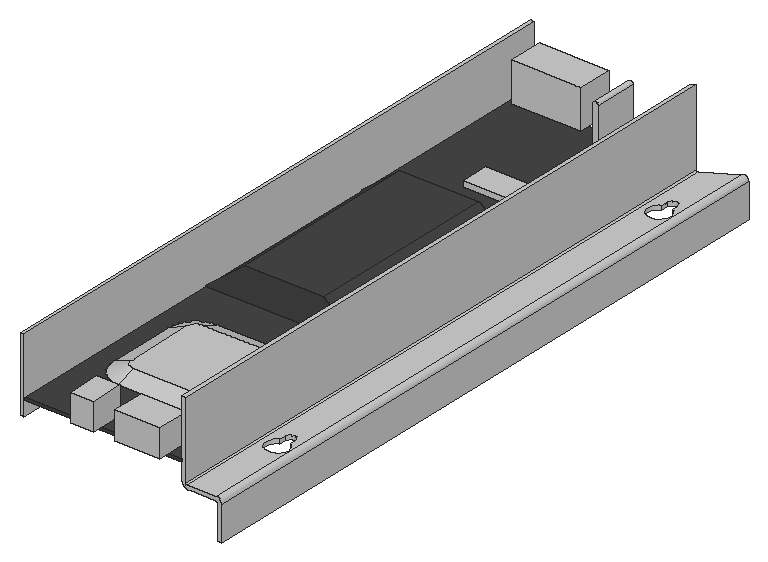
Revit family "Control_Unit-Lutron-HomeWorks_Panel_Interface-HQ-MI-LX NEW", category Lighting Devices, Revit 2020
Family settings
  Maintain Annotation Orientation = No
  Round Connector Dimension = Use Diameter
  Part Type = Normal
  OmniClass Number = 23.80.30.11.17
  OmniClass Title = Distribution Boards and Control Panels
  Work Plane-Based = Yes
  Always vertical = No
  Cut with Voids When Loaded = No
  Shared = No
  Room Calculation Point = No
Parameters (values of type "HQ-MI-LX")
  Warranty URL = "https://www.lutron.com/en-US/Service-Support/Pages/Service/Warranty/Warranty.aspx"
  Voltage Comment = "24 V~ 50/60 Hz or 24-36 V- 250 mA"  # constant formula
  Voltage = 24 V  # constant formula
  Video Link = "https://www.youtube.com/user/LutronElectronicsInc"
  Version = "2020 - v1.0a"  # constant formula
  URL = "https://www.lutron.com/"
  Support Phone = "(224) 699-9545"  # constant formula
  Support Email = "mailto: support@anguleris.com"
  Series = "HomeWorks"  # constant formula
  Product Page URL = "https://residential.lutron.com/us/en/homeworks"
  Product Name = "HomeWorks Panel Link Translator"  # constant formula
  Product Documentation Link = "https://assets.lutron.com/a/documents/3691293_eng.pdf"
  Power Factor = 1  # constant formula
  Performance URL = "Contact Manufacturer for Performance Information"
  Overall Width = 3.43"  # constant formula
  Overall Height = 10.75"  # constant formula
  Overall Depth = 1.90"  # constant formula
  Operating Voltage = "24 V~ 50/60 Hz or 24-36 V- 250 mA"  # constant formula
  Number of Poles = 1
  Mounting [instance] = "Surface Mount"  # constant formula
  Model = "HQ-MI-LX"  # constant formula
  Minimum Operating Temperature = 32 °F
  Maximum Operating Temperature = 104 °F
  Material = ""
  Manufacturer Phone Number = "610-282-3800"  # constant formula
  Manufacturer Fax Number = "610-282-1243"  # constant formula
  Manufacturer Email = "mailto:support@lutron.com"
  Manufacturer Address = "7200 Suter Rd, Coopersburg, PA 18036"  # constant formula
  Manufacturer = "Lutron Electronics Co., Inc"  # constant formula
  Load Classification = Lighting
  Keynote = "26 51 00"
  Instruction Sheet Link = "Contact Manufacturer for Installation Information"
  Frequency = 60 Hz  # constant formula
  Finish = Metal - Lutron - White - Matte
  Description = "The panel link to QS link translator provides an interface\r\nfor legacy remote power modules and\r\nspecification-grade panels. "  # constant formula
  Default Elevation = 0.00"  # constant formula
  Cost Info = "mailto:sales@lutron.com"
  Cost = 0
  Copyright = "© 2024 Lutron Electronics Co., Inc."  # constant formula
  Assembly Code = "D5020200"
  Apparent Load = 0 VA
Reference planes (in)
  plane 1 "Center (Front/Back)": y = 0
  plane 2: z = 0
  plane 3 "Center (Left/Right)": x = 0
  plane 4: y = 5.34633
  plane 5: y = -5.34633
Forms (in)
  Extrusion 1, solid, material "Metal - Lutron - White - Matte"
    sketch origin (0, 0, 0) x (1, 0, 0) y (0, 0, 1)
      loop
        line (1.34065, 1.19341) -> (1.28065, 1.19341) -> (1.28065, -0.00937)
        arc (1.28065, -0.00937) -> (1.31646, -0.09583) -> (1.40292, -0.13165) r 0.12227
        line (1.40292, -0.13165) -> (1.83771, -0.13165)
        arc (1.83771, -0.13165) -> (1.8588, -0.14038) -> (1.86754, -0.16148) r 0.02983
        line (1.86754, -0.16148) -> (1.86754, -0.70659) -> (1.92754, -0.70659) -> (1.92754, -0.15657)
        arc (1.92754, -0.15657) -> (1.90267, -0.09652) -> (1.84261, -0.07165) r 0.08493
        line (1.84261, -0.07165) -> (1.36616, -0.07165)
        arc (1.36616, -0.07165) -> (1.34812, -0.06417) -> (1.34065, -0.04613) r 0.02552
        line (1.34065, -0.04613) -> (1.34065, 1.19341)
    from -5.34633 to 5.34633
  Extrusion 2, void
    sketch origin (0, 0, 0) x (1, 0, 0) y (0, 1, 0)
      loop
        line (1.20294, 4.92521) -> (1.86754, 5.34633) -> (1.86754, 5.46106) -> (1.20294, 5.46106) -> (1.20294, 4.92521)
      loop
        arc (1.54425, 4.06954) -> (1.63253, 3.72162) -> (1.72081, 4.06954) r 0.18516
        line (1.72081, 4.06954) -> (1.72081, 4.16342)
        arc (1.72081, 4.16342) -> (1.63253, 4.2517) -> (1.54425, 4.16342) r 0.08828
        line (1.54425, 4.16342) -> (1.54425, 4.06954)
      loop
        arc (1.54425, -3.68046) -> (1.63253, -4.02838) -> (1.72081, -3.68046) r 0.18516
        line (1.72081, -3.68046) -> (1.72081, -3.58658)
        arc (1.72081, -3.58658) -> (1.63253, -3.4983) -> (1.54425, -3.58658) r 0.08828
        line (1.54425, -3.58658) -> (1.54425, -3.68046)
    from -1.78355 to 3.49408
  Extrusion 3, solid, material "Metal - Lutron - White - Matte"
    sketch origin (0, 0, 0) x (1, 0, 0) y (0, 0, 1)
      loop
        line (-1.3433, 1.19418) -> (-1.3433, 0) -> (-1.2825, 0) -> (-1.2825, 1.19418) -> (-1.3433, 1.19418)
    from -5.01247 to 5.34633
  Extrusion 4, solid, material "Metal - Lutron - Steel - Black"
    sketch origin (0, 0, 0) x (1, 0, 0) y (0, 0, 1)
      loop
        line (-1.2825, 0.27986) -> (-1.2825, 0.23422) -> (1.28065, 0.23422) -> (1.28065, 0.27986) -> (-1.2825, 0.27986)
    from -4.60502 to 5.34633
  Extrusion 5, solid, material "Metal - Lutron - White - Matte"
    sketch origin (0, 0, 0) x (1, 0, 0) y (0, 0, 1)
      loop
        line (-1.19818, 0.9139) -> (-1.19818, 0.27986) -> (-0.06418, 0.27986) -> (-0.06418, 0.9139) -> (-1.19818, 0.9139)
    from -5.01247 to -4.44272
  Extrusion 6, solid, material "Metal - Lutron - White - Matte"
    sketch origin (0, 0, 0) x (1, 0, 0) y (0, 0, 1)
      loop
        line (0.55456, 1.12798) -> (0.55456, 0.27986) -> (0.64896, 0.27986) -> (0.64896, 1.12798)
        arc (0.64896, 1.12798) -> (0.60176, 1.17518) -> (0.55456, 1.12798) r 0.0472
    from -4.60502 to -3.90829
  Extrusion 7, solid, material "Metal - Lutron - Steel - Black"
    sketch origin (0, 0, 0) x (1, 0, 0) y (0, 0, 1)
      loop
        line (-0.63267, 0.7999) -> (-1.2825, 0.27986) -> (1.28065, 0.27986) -> (0.64896, 0.7999) -> (-0.63267, 0.7999)
    from -1.47816 to 1.66625
  Blend 8, solid, material "Metal - Lutron - White - Matte"
    base sketch origin (0, 0, 0) x (1, 0, 0) y (0, 1, 0)
      loop
        arc (-0.52369, -2.64539) -> (-0.63012, -2.68947) -> (-0.67421, -2.7959) r 0.15051
        line (-0.67421, -2.7959) -> (-0.67421, -3.92415)
        arc (-0.67421, -3.92415) -> (-0.62931, -4.03254) -> (-0.52092, -4.07743) r 0.15328
        line (-0.52092, -4.07743) -> (0.56217, -4.07743)
        arc (0.56217, -4.07743) -> (0.6669, -4.03405) -> (0.71028, -3.92932) r 0.14811
        line (0.71028, -3.92932) -> (0.71028, -2.79109)
        arc (0.71028, -2.79109) -> (0.6676, -2.68806) -> (0.56457, -2.64539) r 0.1457
        line (0.56457, -2.64539) -> (-0.52369, -2.64539)
    top sketch origin (0, 0, 0) x (1, 0, 0) y (0, 1, 0)
      loop
        arc (-0.527, -2.34947) -> (-0.84781, -2.48235) -> (-0.9807, -2.80316) r 0.45369
        line (-0.9807, -2.80316) -> (-0.9807, -3.90341)
        arc (-0.9807, -3.90341) -> (-0.85005, -4.21882) -> (-0.53464, -4.34947) r 0.44606
        line (-0.53464, -4.34947) -> (0.57097, -4.34947)
        arc (0.57097, -4.34947) -> (0.88799, -4.21816) -> (1.0193, -3.90114) r 0.44833
        line (1.0193, -3.90114) -> (1.0193, -2.79701)
        arc (1.0193, -2.79701) -> (0.88822, -2.48055) -> (0.57176, -2.34947) r 0.44754
        line (0.57176, -2.34947) -> (-0.527, -2.34947)
    from 0.40406 to 0.27986
  Extrusion 9, solid, material "Metal - Lutron - White - Matte"
    sketch origin (0, 0, 0) x (1, 0, 0) y (0, 0, 1)
      loop
        line (-0.4022, 0.27986) -> (-0.02652, 0.27986) -> (-0.02652, 0.724) -> (-0.4022, 0.724) -> (-0.4022, 0.27986)
      loop
        line (0.31812, 0.27986) -> (1.05641, 0.27986) -> (1.05641, 0.724) -> (0.31812, 0.724) -> (0.31812, 0.27986)
    from 4.96209 to 5.50412
  Extrusion 10, solid, material "Metal - Lutron - White - Matte"
    sketch origin (0, 0, 0) x (1, 0, 0) y (0, 1, 0)
      loop
        line (-0.32432, 2.84105) -> (-0.32432, 2.38155) -> (0.36694, 2.38155) -> (0.36694, 2.84105) -> (-0.32432, 2.84105)
    from 0.27986 to 0.36725
Cuts and joins
  Extrusion 2 cuts Extrusion 1
Lines and regions (in)
  Split face 1
    outline origin (-1.2825, 0, 0.27986) x (1, 0, 0) y (0, 1, 0)
      loop
        line (0.03125, 3.83415) -> (0.03125, 1.57561) -> (2.5319, 1.57561) -> (2.5319, 3.83415) -> (0.03125, 3.83415)
  model lines, detail levels medium+fine
    curve 1: line (-1.2825, 3.13958, 0.27986) -> (-0.07352, 3.13958, 0.27986)
    curve 2: line (-0.07352, 3.13958, 0.27986) -> (-0.07352, 3.83415, 0.27986)
    curve 3: line (-0.07352, 3.83415, 0.27986) -> (-1.2825, 3.83415, 0.27986)
    curve 4: line (-1.2825, 3.83415, 0.27986) -> (1.28065, 3.83415, 0.27986)
    curve 5: line (-0.27219, 3.13958, 0.27986) -> (-0.27219, 3.83415, 0.27986)
    curve 6: line (-0.46923, 3.13958, 0.27986) -> (-0.46923, 3.83415, 0.27986)
    curve 7: line (-0.67801, 3.13958, 0.27986) -> (-0.67801, 3.83415, 0.27986)
    curve 8: line (-0.8712, 3.13958, 0.27986) -> (-0.8712, 3.83415, 0.27986)
    curve 9: line (-1.08663, 3.13958, 0.27986) -> (-1.08663, 3.83415, 0.27986)
    curve 10: line (0.12977, 3.13958, 0.27986) -> (0.46869, 3.13958, 0.27986)
    curve 11: line (0.85489, 3.13958, 0.27986) -> (1.28065, 3.13958, 0.27986)
    curve 12: line (0.85489, 3.13958, 0.27986) -> (0.85489, 3.83415, 0.27986)
    curve 13: line (0.46869, 3.13958, 0.27986) -> (0.46869, 3.83415, 0.27986)
    curve 14: line (0.12977, 3.13958, 0.27986) -> (0.12977, 3.83415, 0.27986)
    curve 15: line (-0.32432, 2.32561, 0.27986) -> (1.17568, 2.32561, 0.27986)
    curve 16: line (-0.32432, 1.57561, 0.27986) -> (-0.32432, 2.32561, 0.27986)
    curve 17: line (1.17568, 1.57561, 0.27986) -> (-0.32432, 1.57561, 0.27986)
    curve 18: line (1.17568, 2.32561, 0.27986) -> (1.17568, 1.57561, 0.27986)
    curve 19: line (0.04728, 2.32561, 0.27986) -> (0.04728, 1.57561, 0.27986)
    curve 20: line (0.42568, 2.32561, 0.27986) -> (0.42568, 1.57561, 0.27986)
    curve 21: line (0.81445, 2.32561, 0.27986) -> (0.81445, 1.57561, 0.27986)
Dimensions and locks (in)
  plane 4 to plane 5 = 10.69266"
  locked: Extrusion 1 sketch curve to plane 3 "Center (Left/Right)" at 1.34065  (x27)
  locked: Extrusion 1 sketch curve to plane 3 "Center (Left/Right)" at 1.36616  (x6)
  locked: Extrusion 1 sketch curve to plane 3 "Center (Left/Right)" at 1.84261  (x6)
  locked: Extrusion 1 sketch curve to plane 3 "Center (Left/Right)" at 1.92754  (x24)
  locked: Extrusion 1 sketch curve to plane 3 "Center (Left/Right)" at 1.86754  (x24)
  locked: Extrusion 1 sketch curve to plane 3 "Center (Left/Right)" at 1.83771  (x6)
  locked: Extrusion 1 sketch curve to plane 3 "Center (Left/Right)" at 1.40292  (x6)
  locked: Extrusion 1 sketch curve to plane 3 "Center (Left/Right)" at 1.28065  (x27)
  locked: Extrusion 1 sketch curve to plane 3 "Center (Left/Right)" at 1.75769  (x3)
  locked: Extrusion 1 sketch curve to plane 3 "Center (Left/Right)" at 1.80788  (x3)
  locked: Extrusion 1 sketch curve to level at 0.15657  (x6)
  locked: Extrusion 1 sketch curve to level at 0.07165  (x3)
  locked: Extrusion 1 sketch curve to level at 0.70659  (x18)
  locked: Extrusion 1 sketch curve to level at 0.16148  (x6)
  locked: Extrusion 1 sketch curve to level at 0.13165  (x33)
  locked: Extrusion 1 sketch curve to level at 1.19341  (x18)
  locked: Extrusion 2 sketch curve to plane 3 "Center (Left/Right)" at 1.86754  (x18)
  locked: Extrusion 2 sketch curve to plane 3 "Center (Left/Right)" at 1.20294  (x18)
  locked: Extrusion 2 sketch curve to plane 3 "Center (Left/Right)" at 1.72081  (x60)
  locked: Extrusion 2 sketch curve to plane 3 "Center (Left/Right)" at 1.54425  (x66)
  locked: Extrusion 2 sketch curve to plane 3 "Center (Left/Right)" at 1.44737  (x6)
  locked: Extrusion 2 sketch curve to plane 1 "Center (Front/Back)" at 5.46106  (x18)
  locked: Extrusion 2 sketch curve to plane 1 "Center (Front/Back)" at 4.16342  (x12)
  locked: Extrusion 2 sketch curve to plane 1 "Center (Front/Back)" at 4.07514  (x3)
  locked: Extrusion 2 sketch curve to plane 1 "Center (Front/Back)" at 4.06954  (x12)
  locked: Extrusion 2 sketch curve to plane 1 "Center (Front/Back)" at 3.72162  (x3)
  locked: Extrusion 2 sketch curve to plane 1 "Center (Front/Back)" at 3.58658  (x12)
  locked: Extrusion 2 sketch curve to plane 1 "Center (Front/Back)" at 3.4983  (x3)
  locked: Extrusion 2 sketch curve to plane 1 "Center (Front/Back)" at 3.68046  (x12)
  locked: Extrusion 2 sketch curve to plane 1 "Center (Front/Back)" at 3.65806  (x3)
  locked: Extrusion 3 to plane 3 "Center (Left/Right)" at 1.3433  (x4)
  locked: Extrusion 3 to plane 3 "Center (Left/Right)" at 1.2825  (x4)
  locked: Extrusion 3 sketch curve to plane 3 "Center (Left/Right)" at 1.2825  (x18)
  locked: Extrusion 3 sketch curve to plane 3 "Center (Left/Right)" at 1.3433  (x18)
  locked: Extrusion 3 to plane 1 "Center (Front/Back)" at 5.34633  (x6)
  locked: Extrusion 3 to plane 1 "Center (Front/Back)" at 5.01247  (x6)
  locked: Extrusion 3 sketch curve to level at 1.19418  (x18)
  locked: Extrusion 3 to level at 1.19418  (x4)
  locked: Extrusion 4 to plane 3 "Center (Left/Right)" at 1.2825  (x4)
  locked: Extrusion 4 to plane 3 "Center (Left/Right)" at 1.28065  (x4)
  locked: Extrusion 4 sketch curve to plane 3 "Center (Left/Right)" at 1.28065  (x18)
  locked: Extrusion 4 sketch curve to plane 3 "Center (Left/Right)" at 1.2825  (x18)
  locked: Extrusion 4 to plane 1 "Center (Front/Back)" at 5.34633  (x6)
  locked: Extrusion 4 to plane 1 "Center (Front/Back)" at 4.60502  (x6)
  locked: Extrusion 4 sketch curve to level at 0.23422  (x18)
  locked: Extrusion 4 sketch curve to level at 0.27986  (x18)
  locked: Extrusion 4 to level at 0.27986  (x4)
  locked: Extrusion 4 to level at 0.23422  (x4)
  locked: Extrusion 5 to plane 3 "Center (Left/Right)" at 1.19818  (x4)
  locked: Extrusion 5 sketch curve to plane 3 "Center (Left/Right)" at 1.19818  (x18)
  locked: Extrusion 5 to plane 1 "Center (Front/Back)" at 4.44272  (x6)
  locked: Extrusion 5 to plane 1 "Center (Front/Back)" at 5.01247  (x6)
  locked: Extrusion 5 sketch curve to level at 0.27986  (x18)
  locked: Extrusion 5 sketch curve to level at 0.9139  (x18)
  locked: Extrusion 5 to level at 0.9139  (x4)
  locked: Extrusion 5 to level at 0.27986  (x4)
  locked: Extrusion 6 to plane 3 "Center (Left/Right)" at 0.64896  (x4)
  locked: Extrusion 6 to plane 3 "Center (Left/Right)" at 0.55456  (x4)
  locked: Extrusion 6 sketch curve to plane 3 "Center (Left/Right)" at 0.64896  (x24)
  locked: Extrusion 6 sketch curve to plane 3 "Center (Left/Right)" at 0.55456  (x27)
  locked: Extrusion 6 to plane 1 "Center (Front/Back)" at 3.90829  (x6)
  locked: Extrusion 6 to plane 1 "Center (Front/Back)" at 4.60502  (x6)
  locked: Extrusion 6 sketch curve to level at 0.27986  (x18)
  locked: Extrusion 6 sketch curve to level at 1.12798  (x12)
  locked: Extrusion 6 sketch curve to level at 1.08078  (x3)
  locked: Extrusion 6 to level at 0.27986  (x4)
  locked: Extrusion 7 to plane 1 "Center (Front/Back)" at 1.66625  (x6)
  locked: Extrusion 7 to plane 1 "Center (Front/Back)" at 1.47816  (x6)
  locked: Extrusion 7 sketch curve to level at 0.27986  (x18)
  locked: Extrusion 7 sketch curve to level at 0.7999  (x18)
  locked: Extrusion 7 to level at 0.7999  (x4)
  locked: Extrusion 7 to level at 0.27986  (x4)
  locked: Blend 8 sketch curve to plane 3 "Center (Left/Right)" at 0.56457  (x6)
  locked: Blend 8 sketch curve to plane 3 "Center (Left/Right)" at 0.71028  (x30)
  locked: Blend 8 sketch curve to plane 3 "Center (Left/Right)" at 0.41887  (x3)
  locked: Blend 8 sketch curve to plane 3 "Center (Left/Right)" at 0.56217  (x6)
  locked: Blend 8 sketch curve to plane 3 "Center (Left/Right)" at 0.41406  (x3)
  locked: Blend 8 sketch curve to plane 3 "Center (Left/Right)" at 0.52092  (x6)
  locked: Blend 8 sketch curve to plane 3 "Center (Left/Right)" at 0.67421  (x30)
  locked: Blend 8 sketch curve to plane 3 "Center (Left/Right)" at 0.36764  (x3)
  locked: Blend 8 sketch curve to plane 3 "Center (Left/Right)" at 0.52369  (x6)
  locked: Blend 8 sketch curve to plane 3 "Center (Left/Right)" at 0.37318  (x3)
  locked: Blend 8 sketch curve to plane 3 "Center (Left/Right)" at 0.57176  (x6)
  locked: Blend 8 sketch curve to plane 3 "Center (Left/Right)" at 1.0193  (x30)
  locked: Blend 8 sketch curve to plane 3 "Center (Left/Right)" at 0.12422  (x3)
  locked: Blend 8 sketch curve to plane 3 "Center (Left/Right)" at 0.57097  (x6)
  locked: Blend 8 sketch curve to plane 3 "Center (Left/Right)" at 0.12264  (x3)
  locked: Blend 8 sketch curve to plane 3 "Center (Left/Right)" at 0.53464  (x6)
  locked: Blend 8 sketch curve to plane 3 "Center (Left/Right)" at 0.9807  (x30)
  locked: Blend 8 sketch curve to plane 3 "Center (Left/Right)" at 0.527  (x6)
  locked: Blend 8 sketch curve to plane 1 "Center (Front/Back)" at 2.64539  (x36)
  locked: Blend 8 sketch curve to plane 1 "Center (Front/Back)" at 2.79109  (x6)
  locked: Blend 8 sketch curve to plane 1 "Center (Front/Back)" at 3.92932  (x6)
  locked: Blend 8 sketch curve to plane 1 "Center (Front/Back)" at 4.07743  (x30)
  locked: Blend 8 sketch curve to plane 1 "Center (Front/Back)" at 3.78122  (x3)
  locked: Blend 8 sketch curve to plane 1 "Center (Front/Back)" at 3.92415  (x6)
  locked: Blend 8 sketch curve to plane 1 "Center (Front/Back)" at 3.77086  (x3)
  locked: Blend 8 sketch curve to plane 1 "Center (Front/Back)" at 2.7959  (x6)
  locked: Blend 8 sketch curve to plane 1 "Center (Front/Back)" at 2.34947  (x36)
  locked: Blend 8 sketch curve to plane 1 "Center (Front/Back)" at 2.79701  (x6)
  locked: Blend 8 sketch curve to plane 1 "Center (Front/Back)" at 3.90114  (x6)
  locked: Blend 8 sketch curve to plane 1 "Center (Front/Back)" at 4.34947  (x30)
  locked: Blend 8 sketch curve to plane 1 "Center (Front/Back)" at 3.45281  (x3)
  locked: Blend 8 sketch curve to plane 1 "Center (Front/Back)" at 3.90341  (x6)
  locked: Blend 8 sketch curve to plane 1 "Center (Front/Back)" at 3.45735  (x3)
  locked: Blend 8 sketch curve to plane 1 "Center (Front/Back)" at 2.80316  (x6)
  locked: Blend 8 to level at 0.27986  (x4)
  locked: Blend 8 to level at 0.40406  (x4)
  locked: Extrusion 9 to plane 3 "Center (Left/Right)" at 0.4022  (x4)
  locked: Extrusion 9 to plane 3 "Center (Left/Right)" at 1.05641  (x4)
  locked: Extrusion 9 to plane 3 "Center (Left/Right)" at 0.31812  (x4)
  locked: Extrusion 9 sketch curve to plane 3 "Center (Left/Right)" at 0.4022  (x18)
  locked: Extrusion 9 sketch curve to plane 3 "Center (Left/Right)" at 1.05641  (x18)
  locked: Extrusion 9 sketch curve to plane 3 "Center (Left/Right)" at 0.31812  (x18)
  locked: Extrusion 9 to plane 1 "Center (Front/Back)" at 5.50412  (x6)
  locked: Extrusion 9 to plane 1 "Center (Front/Back)" at 4.96209  (x6)
  locked: Extrusion 9 sketch curve to level at 0.724  (x36)
  locked: Extrusion 9 sketch curve to level at 0.27986  (x36)
  locked: Extrusion 9 to level at 0.724  (x8)
  locked: Extrusion 9 to level at 0.27986  (x8)
  locked: Extrusion 10 to plane 3 "Center (Left/Right)" at 0.32432  (x4)
  locked: Extrusion 10 to plane 3 "Center (Left/Right)" at 0.36694  (x4)
  locked: Extrusion 10 sketch curve to plane 3 "Center (Left/Right)" at 0.36694  (x18)
  locked: Extrusion 10 sketch curve to plane 3 "Center (Left/Right)" at 0.32432  (x18)
  locked: Extrusion 10 to plane 1 "Center (Front/Back)" at 2.84105  (x6)
  locked: Extrusion 10 to plane 1 "Center (Front/Back)" at 2.38155  (x6)
  locked: Extrusion 10 sketch curve to plane 1 "Center (Front/Back)" at 2.38155  (x18)
  locked: Extrusion 10 sketch curve to plane 1 "Center (Front/Back)" at 2.84105  (x18)
  locked: Extrusion 10 to level at 0.36725  (x4)
  locked: Extrusion 10 to level at 0.27986  (x4)
  locked: plane 3 "Center (Left/Right)" to Extrusion 7 sketch curve at 0.64896
  aligned and locked: level to plane 2
  aligned and locked: Extrusion 1 to plane 5
  aligned and locked: Extrusion 1 to plane 4
  aligned and locked: Extrusion 3 to plane 5
  aligned and locked: Extrusion 3 to cut or joined group of Extrusion 1, Extrusion 2
  aligned and locked: Extrusion 4 to plane 5
Connectors (in)
  electrical at (-0.00093, -0.37065, 0.23422), driven by "Number of Poles", driven by "Voltage", driven by "Apparent Load", driven by "Load Classification", driven by "Power Factor", driven by "Apparent Load"
    settings: on Extrusion 4, index 1, voltage 24 V, apparent load 0 VA, apparent load phase1 0 VA, apparent load phase2 0 VA, apparent load phase3 0 VA, power factor 1, load classification "Lighting", number of poles 1, system type 30, power factor state 1, is connector primary yes, connector utility no, sub classification motor no, connector description "Electrical Connection"
  electrical at (-0.00093, -0.37065, 0.23422)
    settings: on Extrusion 4, index 2, voltage 0 V, apparent load 0 VA, apparent load phase1 0 VA, apparent load phase2 0 VA, apparent load phase3 0 VA, power factor 1, load classification "Other", number of poles 1, system type 13, power factor state 1, is connector primary no, connector utility no, sub classification motor no, connector description "Controls Connection"
